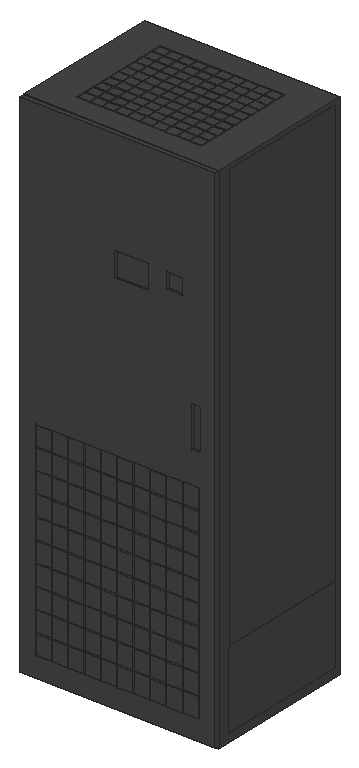
Revit family "OP 71-20", category Modelli generici, Revit 2017
Family settings
  Può ospitare armatura = No
  Quota connettore circolare = Usa diametro
  Tipo di parte = Normale
  Basato su piano di lavoro = No
  Sempre verticale = Sì
  Taglio con vuoti quando caricato = No
  Condiviso = No
  Punto di calcolo locali = No
Parameters (values of type "Standard")
  d99 = 0 mm
  d97 = 0 mm
  d93 = 0 mm
  d42 = 0 mm
  d258 = 0 mm
  d2 = 1990 mm
  Extrusion_End_4 = -d258  # 0 mm
  Extrusion_End_3 = -d93  # 0 mm
  Extrusion_End_2 = -d97  # 0 mm
  Extrusion_End_1 = -d99  # 0 mm
Reference planes
  plane 1 "Centro (Fronte/Retro)": y = 0
  plane 2: z = 0
  plane 3 "Centro (Sinistra/Destra)": x = 0
  plane 4: z = 0
  plane 5: z = 1990
Forms (mm)
  Extrusion 1, solid
    sketch origin (0, 0, 0) x (-1, 0, 0) y (0, -1, 0)
      loop
        line (0, 0) -> (-750, 0) -> (-750, -580) -> (0, -580) -> (0, 0)
    from 0 to 1990
  Extrusion 2, solid
    sketch origin (0, 0, 0) x (1, 0, 0) y (0, 0, 1)
      loop
        line (0, 1990) -> (0, 10) -> (750, 10) -> (750, 1990) -> (0, 1990)
    from 0 to 19
  Extrusion 3, void
    sketch origin (750, 0, 1990) x (0, 1, 0) y (-1, 0, 0)
      loop
        line (0, 750) -> (-1, 750) -> (-1, 0) -> (0, 0) -> (0, 750)
    from 0 to -2487.5
  Extrusion 4, void
    sketch origin (750, 0, 1990) x (0, 0, -1) y (0, 1, 0)
      loop
        line (15, 45) -> (1960, 45) -> (1960, 560) -> (15, 560) -> (15, 45)
      loop
        line (1660, 558) -> (1660, 47) -> (1958, 47) -> (1958, 558) -> (1660, 558)
      loop
        line (17, 558) -> (17, 47) -> (1658, 47) -> (1658, 558) -> (17, 558)
    from 0 to -25
  Extrusion 5, void
    sketch origin (750, 0, 1990) x (0, 1, 0) y (-1, 0, 0)
      loop
        line (485, 615) -> (85, 615) -> (85, 135) -> (485, 135) -> (485, 615)
      loop
        line (482.5, 612.5) -> (447.5, 612.5) -> (447.5, 569.5) -> (482.5, 569.5) -> (482.5, 612.5)
      loop
        line (482.5, 521.5) -> (482.5, 564.5) -> (447.5, 564.5) -> (447.5, 521.5) -> (482.5, 521.5)
      loop
        line (482.5, 473.5) -> (482.5, 516.5) -> (447.5, 516.5) -> (447.5, 473.5) -> (482.5, 473.5)
      loop
        line (482.5, 425.5) -> (482.5, 468.5) -> (447.5, 468.5) -> (447.5, 425.5) -> (482.5, 425.5)
      loop
        line (482.5, 377.5) -> (482.5, 420.5) -> (447.5, 420.5) -> (447.5, 377.5) -> (482.5, 377.5)
      loop
        line (482.5, 329.5) -> (482.5, 372.5) -> (447.5, 372.5) -> (447.5, 329.5) -> (482.5, 329.5)
      loop
        line (482.5, 281.5) -> (482.5, 324.5) -> (447.5, 324.5) -> (447.5, 281.5) -> (482.5, 281.5)
      loop
        line (482.5, 233.5) -> (482.5, 276.5) -> (447.5, 276.5) -> (447.5, 233.5) -> (482.5, 233.5)
      loop
        line (482.5, 185.5) -> (482.5, 228.5) -> (447.5, 228.5) -> (447.5, 185.5) -> (482.5, 185.5)
      loop
        line (482.5, 137.5) -> (482.5, 180.5) -> (447.5, 180.5) -> (447.5, 137.5) -> (482.5, 137.5)
      loop
        line (442.5, 569.5) -> (442.5, 612.5) -> (407.5, 612.5) -> (407.5, 569.5) -> (442.5, 569.5)
      loop
        line (442.5, 521.5) -> (442.5, 564.5) -> (407.5, 564.5) -> (407.5, 521.5) -> (442.5, 521.5)
      loop
        line (442.5, 473.5) -> (442.5, 516.5) -> (407.5, 516.5) -> (407.5, 473.5) -> (442.5, 473.5)
      loop
        line (442.5, 425.5) -> (442.5, 468.5) -> (407.5, 468.5) -> (407.5, 425.5) -> (442.5, 425.5)
      loop
        line (442.5, 377.5) -> (442.5, 420.5) -> (407.5, 420.5) -> (407.5, 377.5) -> (442.5, 377.5)
      loop
        line (442.5, 329.5) -> (442.5, 372.5) -> (407.5, 372.5) -> (407.5, 329.5) -> (442.5, 329.5)
      loop
        line (442.5, 281.5) -> (442.5, 324.5) -> (407.5, 324.5) -> (407.5, 281.5) -> (442.5, 281.5)
      loop
        line (442.5, 233.5) -> (442.5, 276.5) -> (407.5, 276.5) -> (407.5, 233.5) -> (442.5, 233.5)
      loop
        line (442.5, 185.5) -> (442.5, 228.5) -> (407.5, 228.5) -> (407.5, 185.5) -> (442.5, 185.5)
      loop
        line (442.5, 137.5) -> (442.5, 180.5) -> (407.5, 180.5) -> (407.5, 137.5) -> (442.5, 137.5)
      loop
        line (402.5, 569.5) -> (402.5, 612.5) -> (367.5, 612.5) -> (367.5, 569.5) -> (402.5, 569.5)
      loop
        line (402.5, 521.5) -> (402.5, 564.5) -> (367.5, 564.5) -> (367.5, 521.5) -> (402.5, 521.5)
      loop
        line (402.5, 473.5) -> (402.5, 516.5) -> (367.5, 516.5) -> (367.5, 473.5) -> (402.5, 473.5)
      loop
        line (402.5, 425.5) -> (402.5, 468.5) -> (367.5, 468.5) -> (367.5, 425.5) -> (402.5, 425.5)
      loop
        line (402.5, 377.5) -> (402.5, 420.5) -> (367.5, 420.5) -> (367.5, 377.5) -> (402.5, 377.5)
      loop
        line (402.5, 329.5) -> (402.5, 372.5) -> (367.5, 372.5) -> (367.5, 329.5) -> (402.5, 329.5)
      loop
        line (402.5, 281.5) -> (402.5, 324.5) -> (367.5, 324.5) -> (367.5, 281.5) -> (402.5, 281.5)
      loop
        line (402.5, 233.5) -> (402.5, 276.5) -> (367.5, 276.5) -> (367.5, 233.5) -> (402.5, 233.5)
      loop
        line (402.5, 185.5) -> (402.5, 228.5) -> (367.5, 228.5) -> (367.5, 185.5) -> (402.5, 185.5)
      loop
        line (402.5, 137.5) -> (402.5, 180.5) -> (367.5, 180.5) -> (367.5, 137.5) -> (402.5, 137.5)
      loop
        line (362.5, 569.5) -> (362.5, 612.5) -> (327.5, 612.5) -> (327.5, 569.5) -> (362.5, 569.5)
      loop
        line (362.5, 521.5) -> (362.5, 564.5) -> (327.5, 564.5) -> (327.5, 521.5) -> (362.5, 521.5)
      loop
        line (362.5, 473.5) -> (362.5, 516.5) -> (327.5, 516.5) -> (327.5, 473.5) -> (362.5, 473.5)
      loop
        line (362.5, 425.5) -> (362.5, 468.5) -> (327.5, 468.5) -> (327.5, 425.5) -> (362.5, 425.5)
      loop
        line (362.5, 377.5) -> (362.5, 420.5) -> (327.5, 420.5) -> (327.5, 377.5) -> (362.5, 377.5)
      loop
        line (362.5, 329.5) -> (362.5, 372.5) -> (327.5, 372.5) -> (327.5, 329.5) -> (362.5, 329.5)
      loop
        line (362.5, 281.5) -> (362.5, 324.5) -> (327.5, 324.5) -> (327.5, 281.5) -> (362.5, 281.5)
      loop
        line (362.5, 233.5) -> (362.5, 276.5) -> (327.5, 276.5) -> (327.5, 233.5) -> (362.5, 233.5)
      loop
        line (362.5, 185.5) -> (362.5, 228.5) -> (327.5, 228.5) -> (327.5, 185.5) -> (362.5, 185.5)
      loop
        line (362.5, 137.5) -> (362.5, 180.5) -> (327.5, 180.5) -> (327.5, 137.5) -> (362.5, 137.5)
      loop
        line (322.5, 569.5) -> (322.5, 612.5) -> (287.5, 612.5) -> (287.5, 569.5) -> (322.5, 569.5)
      loop
        line (322.5, 521.5) -> (322.5, 564.5) -> (287.5, 564.5) -> (287.5, 521.5) -> (322.5, 521.5)
      loop
        line (322.5, 473.5) -> (322.5, 516.5) -> (287.5, 516.5) -> (287.5, 473.5) -> (322.5, 473.5)
      loop
        line (322.5, 425.5) -> (322.5, 468.5) -> (287.5, 468.5) -> (287.5, 425.5) -> (322.5, 425.5)
      loop
        line (322.5, 377.5) -> (322.5, 420.5) -> (287.5, 420.5) -> (287.5, 377.5) -> (322.5, 377.5)
      loop
        line (322.5, 329.5) -> (322.5, 372.5) -> (287.5, 372.5) -> (287.5, 329.5) -> (322.5, 329.5)
      loop
        line (322.5, 281.5) -> (322.5, 324.5) -> (287.5, 324.5) -> (287.5, 281.5) -> (322.5, 281.5)
      loop
        line (322.5, 233.5) -> (322.5, 276.5) -> (287.5, 276.5) -> (287.5, 233.5) -> (322.5, 233.5)
      loop
        line (322.5, 185.5) -> (322.5, 228.5) -> (287.5, 228.5) -> (287.5, 185.5) -> (322.5, 185.5)
      loop
        line (322.5, 137.5) -> (322.5, 180.5) -> (287.5, 180.5) -> (287.5, 137.5) -> (322.5, 137.5)
      loop
        line (282.5, 569.5) -> (282.5, 612.5) -> (247.5, 612.5) -> (247.5, 569.5) -> (282.5, 569.5)
      loop
        line (282.5, 521.5) -> (282.5, 564.5) -> (247.5, 564.5) -> (247.5, 521.5) -> (282.5, 521.5)
      loop
        line (282.5, 473.5) -> (282.5, 516.5) -> (247.5, 516.5) -> (247.5, 473.5) -> (282.5, 473.5)
      loop
        line (282.5, 425.5) -> (282.5, 468.5) -> (247.5, 468.5) -> (247.5, 425.5) -> (282.5, 425.5)
      loop
        line (282.5, 377.5) -> (282.5, 420.5) -> (247.5, 420.5) -> (247.5, 377.5) -> (282.5, 377.5)
      loop
        line (282.5, 329.5) -> (282.5, 372.5) -> (247.5, 372.5) -> (247.5, 329.5) -> (282.5, 329.5)
      loop
        line (282.5, 281.5) -> (282.5, 324.5) -> (247.5, 324.5) -> (247.5, 281.5) -> (282.5, 281.5)
      loop
        line (282.5, 233.5) -> (282.5, 276.5) -> (247.5, 276.5) -> (247.5, 233.5) -> (282.5, 233.5)
      loop
        line (282.5, 185.5) -> (282.5, 228.5) -> (247.5, 228.5) -> (247.5, 185.5) -> (282.5, 185.5)
      loop
        line (282.5, 137.5) -> (282.5, 180.5) -> (247.5, 180.5) -> (247.5, 137.5) -> (282.5, 137.5)
      loop
        line (242.5, 569.5) -> (242.5, 612.5) -> (207.5, 612.5) -> (207.5, 569.5) -> (242.5, 569.5)
      loop
        line (242.5, 521.5) -> (242.5, 564.5) -> (207.5, 564.5) -> (207.5, 521.5) -> (242.5, 521.5)
      loop
        line (242.5, 473.5) -> (242.5, 516.5) -> (207.5, 516.5) -> (207.5, 473.5) -> (242.5, 473.5)
      loop
        line (242.5, 425.5) -> (242.5, 468.5) -> (207.5, 468.5) -> (207.5, 425.5) -> (242.5, 425.5)
      loop
        line (242.5, 377.5) -> (242.5, 420.5) -> (207.5, 420.5) -> (207.5, 377.5) -> (242.5, 377.5)
      loop
        line (242.5, 329.5) -> (242.5, 372.5) -> (207.5, 372.5) -> (207.5, 329.5) -> (242.5, 329.5)
      loop
        line (242.5, 281.5) -> (242.5, 324.5) -> (207.5, 324.5) -> (207.5, 281.5) -> (242.5, 281.5)
      loop
        line (242.5, 233.5) -> (242.5, 276.5) -> (207.5, 276.5) -> (207.5, 233.5) -> (242.5, 233.5)
      loop
        line (242.5, 185.5) -> (242.5, 228.5) -> (207.5, 228.5) -> (207.5, 185.5) -> (242.5, 185.5)
      loop
        line (242.5, 137.5) -> (242.5, 180.5) -> (207.5, 180.5) -> (207.5, 137.5) -> (242.5, 137.5)
      loop
        line (202.5, 569.5) -> (202.5, 612.5) -> (167.5, 612.5) -> (167.5, 569.5) -> (202.5, 569.5)
      loop
        line (202.5, 521.5) -> (202.5, 564.5) -> (167.5, 564.5) -> (167.5, 521.5) -> (202.5, 521.5)
      loop
        line (202.5, 473.5) -> (202.5, 516.5) -> (167.5, 516.5) -> (167.5, 473.5) -> (202.5, 473.5)
      loop
        line (202.5, 425.5) -> (202.5, 468.5) -> (167.5, 468.5) -> (167.5, 425.5) -> (202.5, 425.5)
      loop
        line (202.5, 377.5) -> (202.5, 420.5) -> (167.5, 420.5) -> (167.5, 377.5) -> (202.5, 377.5)
      loop
        line (202.5, 329.5) -> (202.5, 372.5) -> (167.5, 372.5) -> (167.5, 329.5) -> (202.5, 329.5)
      loop
        line (202.5, 281.5) -> (202.5, 324.5) -> (167.5, 324.5) -> (167.5, 281.5) -> (202.5, 281.5)
      loop
        line (202.5, 233.5) -> (202.5, 276.5) -> (167.5, 276.5) -> (167.5, 233.5) -> (202.5, 233.5)
      loop
        line (202.5, 185.5) -> (202.5, 228.5) -> (167.5, 228.5) -> (167.5, 185.5) -> (202.5, 185.5)
      loop
        line (202.5, 137.5) -> (202.5, 180.5) -> (167.5, 180.5) -> (167.5, 137.5) -> (202.5, 137.5)
      loop
        line (162.5, 569.5) -> (162.5, 612.5) -> (127.5, 612.5) -> (127.5, 569.5) -> (162.5, 569.5)
      loop
        line (162.5, 521.5) -> (162.5, 564.5) -> (127.5, 564.5) -> (127.5, 521.5) -> (162.5, 521.5)
      loop
        line (162.5, 473.5) -> (162.5, 516.5) -> (127.5, 516.5) -> (127.5, 473.5) -> (162.5, 473.5)
      loop
        line (162.5, 425.5) -> (162.5, 468.5) -> (127.5, 468.5) -> (127.5, 425.5) -> (162.5, 425.5)
      loop
        line (162.5, 377.5) -> (162.5, 420.5) -> (127.5, 420.5) -> (127.5, 377.5) -> (162.5, 377.5)
      loop
        line (162.5, 329.5) -> (162.5, 372.5) -> (127.5, 372.5) -> (127.5, 329.5) -> (162.5, 329.5)
      loop
        line (162.5, 281.5) -> (162.5, 324.5) -> (127.5, 324.5) -> (127.5, 281.5) -> (162.5, 281.5)
      loop
        line (162.5, 233.5) -> (162.5, 276.5) -> (127.5, 276.5) -> (127.5, 233.5) -> (162.5, 233.5)
      loop
        line (162.5, 185.5) -> (162.5, 228.5) -> (127.5, 228.5) -> (127.5, 185.5) -> (162.5, 185.5)
      loop
        line (162.5, 137.5) -> (162.5, 180.5) -> (127.5, 180.5) -> (127.5, 137.5) -> (162.5, 137.5)
      loop
        line (122.5, 569.5) -> (122.5, 612.5) -> (87.5, 612.5) -> (87.5, 569.5) -> (122.5, 569.5)
      loop
        line (122.5, 521.5) -> (122.5, 564.5) -> (87.5, 564.5) -> (87.5, 521.5) -> (122.5, 521.5)
      loop
        line (122.5, 473.5) -> (122.5, 516.5) -> (87.5, 516.5) -> (87.5, 473.5) -> (122.5, 473.5)
      loop
        line (122.5, 425.5) -> (122.5, 468.5) -> (87.5, 468.5) -> (87.5, 425.5) -> (122.5, 425.5)
      loop
        line (122.5, 377.5) -> (122.5, 420.5) -> (87.5, 420.5) -> (87.5, 377.5) -> (122.5, 377.5)
      loop
        line (122.5, 329.5) -> (122.5, 372.5) -> (87.5, 372.5) -> (87.5, 329.5) -> (122.5, 329.5)
      loop
        line (122.5, 281.5) -> (122.5, 324.5) -> (87.5, 324.5) -> (87.5, 281.5) -> (122.5, 281.5)
      loop
        line (122.5, 233.5) -> (122.5, 276.5) -> (87.5, 276.5) -> (87.5, 233.5) -> (122.5, 233.5)
      loop
        line (122.5, 185.5) -> (122.5, 228.5) -> (87.5, 228.5) -> (87.5, 185.5) -> (122.5, 185.5)
      loop
        line (122.5, 137.5) -> (122.5, 180.5) -> (87.5, 180.5) -> (87.5, 137.5) -> (122.5, 137.5)
    from 0 to -10
  Extrusion 6, void
    sketch origin (0, -19, 10) x (1, 0, 0) y (0, 0, 1)
      loop
        line (565, 1515.5) -> (627, 1515.5) -> (627, 1577.5) -> (565, 1577.5) -> (565, 1515.5)
      loop
        line (660, 996) -> (695, 996) -> (695, 1156) -> (660, 1156) -> (660, 996)
      loop
        line (494, 1483) -> (494, 1581) -> (363, 1581) -> (363, 1483) -> (494, 1483)
    from 0 to -10
  Extrusion 7, void
    sketch origin (0, -19, 10) x (1, 0, 0) y (0, 0, 1)
      loop
        line (60, 875) -> (60, 75) -> (690, 75) -> (690, 875) -> (60, 875)
      loop
        line (62.5, 872.5) -> (62.5, 797.5) -> (120.5, 797.5) -> (120.5, 872.5) -> (62.5, 872.5)
      loop
        line (125.5, 872.5) -> (125.5, 797.5) -> (183.5, 797.5) -> (183.5, 872.5) -> (125.5, 872.5)
      loop
        line (188.5, 872.5) -> (188.5, 797.5) -> (246.5, 797.5) -> (246.5, 872.5) -> (188.5, 872.5)
      loop
        line (251.5, 872.5) -> (251.5, 797.5) -> (309.5, 797.5) -> (309.5, 872.5) -> (251.5, 872.5)
      loop
        line (314.5, 872.5) -> (314.5, 797.5) -> (372.5, 797.5) -> (372.5, 872.5) -> (314.5, 872.5)
      loop
        line (377.5, 872.5) -> (377.5, 797.5) -> (435.5, 797.5) -> (435.5, 872.5) -> (377.5, 872.5)
      loop
        line (440.5, 872.5) -> (440.5, 797.5) -> (498.5, 797.5) -> (498.5, 872.5) -> (440.5, 872.5)
      loop
        line (503.5, 872.5) -> (503.5, 797.5) -> (561.5, 797.5) -> (561.5, 872.5) -> (503.5, 872.5)
      loop
        line (566.5, 872.5) -> (566.5, 797.5) -> (624.5, 797.5) -> (624.5, 872.5) -> (566.5, 872.5)
      loop
        line (629.5, 872.5) -> (629.5, 797.5) -> (687.5, 797.5) -> (687.5, 872.5) -> (629.5, 872.5)
      loop
        line (62.5, 792.5) -> (62.5, 717.5) -> (120.5, 717.5) -> (120.5, 792.5) -> (62.5, 792.5)
      loop
        line (125.5, 792.5) -> (125.5, 717.5) -> (183.5, 717.5) -> (183.5, 792.5) -> (125.5, 792.5)
      loop
        line (188.5, 792.5) -> (188.5, 717.5) -> (246.5, 717.5) -> (246.5, 792.5) -> (188.5, 792.5)
      loop
        line (251.5, 792.5) -> (251.5, 717.5) -> (309.5, 717.5) -> (309.5, 792.5) -> (251.5, 792.5)
      loop
        line (314.5, 792.5) -> (314.5, 717.5) -> (372.5, 717.5) -> (372.5, 792.5) -> (314.5, 792.5)
      loop
        line (377.5, 792.5) -> (377.5, 717.5) -> (435.5, 717.5) -> (435.5, 792.5) -> (377.5, 792.5)
      loop
        line (440.5, 792.5) -> (440.5, 717.5) -> (498.5, 717.5) -> (498.5, 792.5) -> (440.5, 792.5)
      loop
        line (503.5, 792.5) -> (503.5, 717.5) -> (561.5, 717.5) -> (561.5, 792.5) -> (503.5, 792.5)
      loop
        line (566.5, 792.5) -> (566.5, 717.5) -> (624.5, 717.5) -> (624.5, 792.5) -> (566.5, 792.5)
      loop
        line (629.5, 792.5) -> (629.5, 717.5) -> (687.5, 717.5) -> (687.5, 792.5) -> (629.5, 792.5)
      loop
        line (62.5, 712.5) -> (62.5, 637.5) -> (120.5, 637.5) -> (120.5, 712.5) -> (62.5, 712.5)
      loop
        line (125.5, 712.5) -> (125.5, 637.5) -> (183.5, 637.5) -> (183.5, 712.5) -> (125.5, 712.5)
      loop
        line (188.5, 712.5) -> (188.5, 637.5) -> (246.5, 637.5) -> (246.5, 712.5) -> (188.5, 712.5)
      loop
        line (251.5, 712.5) -> (251.5, 637.5) -> (309.5, 637.5) -> (309.5, 712.5) -> (251.5, 712.5)
      loop
        line (314.5, 712.5) -> (314.5, 637.5) -> (372.5, 637.5) -> (372.5, 712.5) -> (314.5, 712.5)
      loop
        line (377.5, 712.5) -> (377.5, 637.5) -> (435.5, 637.5) -> (435.5, 712.5) -> (377.5, 712.5)
      loop
        line (440.5, 712.5) -> (440.5, 637.5) -> (498.5, 637.5) -> (498.5, 712.5) -> (440.5, 712.5)
      loop
        line (503.5, 712.5) -> (503.5, 637.5) -> (561.5, 637.5) -> (561.5, 712.5) -> (503.5, 712.5)
      loop
        line (566.5, 712.5) -> (566.5, 637.5) -> (624.5, 637.5) -> (624.5, 712.5) -> (566.5, 712.5)
      loop
        line (629.5, 712.5) -> (629.5, 637.5) -> (687.5, 637.5) -> (687.5, 712.5) -> (629.5, 712.5)
      loop
        line (62.5, 632.5) -> (62.5, 557.5) -> (120.5, 557.5) -> (120.5, 632.5) -> (62.5, 632.5)
      loop
        line (125.5, 632.5) -> (125.5, 557.5) -> (183.5, 557.5) -> (183.5, 632.5) -> (125.5, 632.5)
      loop
        line (188.5, 632.5) -> (188.5, 557.5) -> (246.5, 557.5) -> (246.5, 632.5) -> (188.5, 632.5)
      loop
        line (251.5, 632.5) -> (251.5, 557.5) -> (309.5, 557.5) -> (309.5, 632.5) -> (251.5, 632.5)
      loop
        line (314.5, 632.5) -> (314.5, 557.5) -> (372.5, 557.5) -> (372.5, 632.5) -> (314.5, 632.5)
      loop
        line (377.5, 632.5) -> (377.5, 557.5) -> (435.5, 557.5) -> (435.5, 632.5) -> (377.5, 632.5)
      loop
        line (440.5, 632.5) -> (440.5, 557.5) -> (498.5, 557.5) -> (498.5, 632.5) -> (440.5, 632.5)
      loop
        line (503.5, 632.5) -> (503.5, 557.5) -> (561.5, 557.5) -> (561.5, 632.5) -> (503.5, 632.5)
      loop
        line (566.5, 632.5) -> (566.5, 557.5) -> (624.5, 557.5) -> (624.5, 632.5) -> (566.5, 632.5)
      loop
        line (629.5, 632.5) -> (629.5, 557.5) -> (687.5, 557.5) -> (687.5, 632.5) -> (629.5, 632.5)
      loop
        line (62.5, 552.5) -> (62.5, 477.5) -> (120.5, 477.5) -> (120.5, 552.5) -> (62.5, 552.5)
      loop
        line (125.5, 552.5) -> (125.5, 477.5) -> (183.5, 477.5) -> (183.5, 552.5) -> (125.5, 552.5)
      loop
        line (188.5, 552.5) -> (188.5, 477.5) -> (246.5, 477.5) -> (246.5, 552.5) -> (188.5, 552.5)
      loop
        line (251.5, 552.5) -> (251.5, 477.5) -> (309.5, 477.5) -> (309.5, 552.5) -> (251.5, 552.5)
      loop
        line (314.5, 552.5) -> (314.5, 477.5) -> (372.5, 477.5) -> (372.5, 552.5) -> (314.5, 552.5)
      loop
        line (377.5, 552.5) -> (377.5, 477.5) -> (435.5, 477.5) -> (435.5, 552.5) -> (377.5, 552.5)
      loop
        line (440.5, 552.5) -> (440.5, 477.5) -> (498.5, 477.5) -> (498.5, 552.5) -> (440.5, 552.5)
      loop
        line (503.5, 552.5) -> (503.5, 477.5) -> (561.5, 477.5) -> (561.5, 552.5) -> (503.5, 552.5)
      loop
        line (566.5, 552.5) -> (566.5, 477.5) -> (624.5, 477.5) -> (624.5, 552.5) -> (566.5, 552.5)
      loop
        line (629.5, 552.5) -> (629.5, 477.5) -> (687.5, 477.5) -> (687.5, 552.5) -> (629.5, 552.5)
      loop
        line (62.5, 472.5) -> (62.5, 397.5) -> (120.5, 397.5) -> (120.5, 472.5) -> (62.5, 472.5)
      loop
        line (125.5, 472.5) -> (125.5, 397.5) -> (183.5, 397.5) -> (183.5, 472.5) -> (125.5, 472.5)
      loop
        line (188.5, 472.5) -> (188.5, 397.5) -> (246.5, 397.5) -> (246.5, 472.5) -> (188.5, 472.5)
      loop
        line (251.5, 472.5) -> (251.5, 397.5) -> (309.5, 397.5) -> (309.5, 472.5) -> (251.5, 472.5)
      loop
        line (314.5, 472.5) -> (314.5, 397.5) -> (372.5, 397.5) -> (372.5, 472.5) -> (314.5, 472.5)
      loop
        line (377.5, 472.5) -> (377.5, 397.5) -> (435.5, 397.5) -> (435.5, 472.5) -> (377.5, 472.5)
      loop
        line (440.5, 472.5) -> (440.5, 397.5) -> (498.5, 397.5) -> (498.5, 472.5) -> (440.5, 472.5)
      loop
        line (503.5, 472.5) -> (503.5, 397.5) -> (561.5, 397.5) -> (561.5, 472.5) -> (503.5, 472.5)
      loop
        line (566.5, 472.5) -> (566.5, 397.5) -> (624.5, 397.5) -> (624.5, 472.5) -> (566.5, 472.5)
      loop
        line (629.5, 472.5) -> (629.5, 397.5) -> (687.5, 397.5) -> (687.5, 472.5) -> (629.5, 472.5)
      loop
        line (62.5, 392.5) -> (62.5, 317.5) -> (120.5, 317.5) -> (120.5, 392.5) -> (62.5, 392.5)
      loop
        line (125.5, 392.5) -> (125.5, 317.5) -> (183.5, 317.5) -> (183.5, 392.5) -> (125.5, 392.5)
      loop
        line (188.5, 392.5) -> (188.5, 317.5) -> (246.5, 317.5) -> (246.5, 392.5) -> (188.5, 392.5)
      loop
        line (251.5, 392.5) -> (251.5, 317.5) -> (309.5, 317.5) -> (309.5, 392.5) -> (251.5, 392.5)
      loop
        line (314.5, 392.5) -> (314.5, 317.5) -> (372.5, 317.5) -> (372.5, 392.5) -> (314.5, 392.5)
      loop
        line (377.5, 392.5) -> (377.5, 317.5) -> (435.5, 317.5) -> (435.5, 392.5) -> (377.5, 392.5)
      loop
        line (440.5, 392.5) -> (440.5, 317.5) -> (498.5, 317.5) -> (498.5, 392.5) -> (440.5, 392.5)
      loop
        line (503.5, 392.5) -> (503.5, 317.5) -> (561.5, 317.5) -> (561.5, 392.5) -> (503.5, 392.5)
      loop
        line (566.5, 392.5) -> (566.5, 317.5) -> (624.5, 317.5) -> (624.5, 392.5) -> (566.5, 392.5)
      loop
        line (629.5, 392.5) -> (629.5, 317.5) -> (687.5, 317.5) -> (687.5, 392.5) -> (629.5, 392.5)
      loop
        line (62.5, 312.5) -> (62.5, 237.5) -> (120.5, 237.5) -> (120.5, 312.5) -> (62.5, 312.5)
      loop
        line (125.5, 312.5) -> (125.5, 237.5) -> (183.5, 237.5) -> (183.5, 312.5) -> (125.5, 312.5)
      loop
        line (188.5, 312.5) -> (188.5, 237.5) -> (246.5, 237.5) -> (246.5, 312.5) -> (188.5, 312.5)
      loop
        line (251.5, 312.5) -> (251.5, 237.5) -> (309.5, 237.5) -> (309.5, 312.5) -> (251.5, 312.5)
      loop
        line (314.5, 312.5) -> (314.5, 237.5) -> (372.5, 237.5) -> (372.5, 312.5) -> (314.5, 312.5)
      loop
        line (377.5, 312.5) -> (377.5, 237.5) -> (435.5, 237.5) -> (435.5, 312.5) -> (377.5, 312.5)
      loop
        line (440.5, 312.5) -> (440.5, 237.5) -> (498.5, 237.5) -> (498.5, 312.5) -> (440.5, 312.5)
      loop
        line (503.5, 312.5) -> (503.5, 237.5) -> (561.5, 237.5) -> (561.5, 312.5) -> (503.5, 312.5)
      loop
        line (566.5, 312.5) -> (566.5, 237.5) -> (624.5, 237.5) -> (624.5, 312.5) -> (566.5, 312.5)
      loop
        line (629.5, 312.5) -> (629.5, 237.5) -> (687.5, 237.5) -> (687.5, 312.5) -> (629.5, 312.5)
      loop
        line (62.5, 232.5) -> (62.5, 157.5) -> (120.5, 157.5) -> (120.5, 232.5) -> (62.5, 232.5)
      loop
        line (125.5, 232.5) -> (125.5, 157.5) -> (183.5, 157.5) -> (183.5, 232.5) -> (125.5, 232.5)
      loop
        line (188.5, 232.5) -> (188.5, 157.5) -> (246.5, 157.5) -> (246.5, 232.5) -> (188.5, 232.5)
      loop
        line (251.5, 232.5) -> (251.5, 157.5) -> (309.5, 157.5) -> (309.5, 232.5) -> (251.5, 232.5)
      loop
        line (314.5, 232.5) -> (314.5, 157.5) -> (372.5, 157.5) -> (372.5, 232.5) -> (314.5, 232.5)
      loop
        line (377.5, 232.5) -> (377.5, 157.5) -> (435.5, 157.5) -> (435.5, 232.5) -> (377.5, 232.5)
      loop
        line (440.5, 232.5) -> (440.5, 157.5) -> (498.5, 157.5) -> (498.5, 232.5) -> (440.5, 232.5)
      loop
        line (503.5, 232.5) -> (503.5, 157.5) -> (561.5, 157.5) -> (561.5, 232.5) -> (503.5, 232.5)
      loop
        line (566.5, 232.5) -> (566.5, 157.5) -> (624.5, 157.5) -> (624.5, 232.5) -> (566.5, 232.5)
      loop
        line (629.5, 232.5) -> (629.5, 157.5) -> (687.5, 157.5) -> (687.5, 232.5) -> (629.5, 232.5)
      loop
        line (62.5, 152.5) -> (62.5, 77.5) -> (120.5, 77.5) -> (120.5, 152.5) -> (62.5, 152.5)
      loop
        line (125.5, 152.5) -> (125.5, 77.5) -> (183.5, 77.5) -> (183.5, 152.5) -> (125.5, 152.5)
      loop
        line (188.5, 152.5) -> (188.5, 77.5) -> (246.5, 77.5) -> (246.5, 152.5) -> (188.5, 152.5)
      loop
        line (251.5, 152.5) -> (251.5, 77.5) -> (309.5, 77.5) -> (309.5, 152.5) -> (251.5, 152.5)
      loop
        line (314.5, 152.5) -> (314.5, 77.5) -> (372.5, 77.5) -> (372.5, 152.5) -> (314.5, 152.5)
      loop
        line (377.5, 152.5) -> (377.5, 77.5) -> (435.5, 77.5) -> (435.5, 152.5) -> (377.5, 152.5)
      loop
        line (440.5, 152.5) -> (440.5, 77.5) -> (498.5, 77.5) -> (498.5, 152.5) -> (440.5, 152.5)
      loop
        line (503.5, 152.5) -> (503.5, 77.5) -> (561.5, 77.5) -> (561.5, 152.5) -> (503.5, 152.5)
      loop
        line (566.5, 152.5) -> (566.5, 77.5) -> (624.5, 77.5) -> (624.5, 152.5) -> (566.5, 152.5)
      loop
        line (629.5, 152.5) -> (629.5, 77.5) -> (687.5, 77.5) -> (687.5, 152.5) -> (629.5, 152.5)
    from 0 to -10
Cuts and joins
  Extrusion 3, Extrusion 4, Extrusion 5, Extrusion 6, Extrusion 7 cuts Extrusion 1
  Extrusion 3, Extrusion 4, Extrusion 5, Extrusion 6, Extrusion 7 cuts Extrusion 2
  joined: Extrusion 1, Extrusion 2
Lines and regions (mm)
  reference lines
    curve 1: line (0, 0, 0) -> (750, 0, 0)
    curve 2: line (750, 0, 0) -> (750, 580, 0)
    curve 3: line (750, 580, 0) -> (0, 580, 0)
    curve 4: line (0, 580, 0) -> (0, 0, 0)
    curve 5: line (0, 0, 0) -> (0, 0, 1990)
    curve 6: line (0, 0, 10) -> (750, 0, 10)
    curve 7: line (750, 0, 0) -> (750, 0, 1990)
    curve 8: line (0, 0, 1990) -> (750, 0, 1990)
    curve 9: line (0, 580, 1990) -> (0, -19, 1990)
    curve 10: line (0, -1, 1990) -> (750, -1, 1990)
    curve 11: line (750, 580, 1990) -> (750, -19, 1990)
    curve 12: line (0, 0, 1990) -> (750, 0, 1990)
    curve 13: line (750, 45, 1975) -> (750, 45, 30)
    curve 14: line (750, 45, 30) -> (750, 560, 30)
    curve 15: line (750, 560, 30) -> (750, 560, 1975)
    curve 16: line (750, 560, 1975) -> (750, 45, 1975)
    curve 17: line (750, 558, 330) -> (750, 558, 32)
    curve 18: line (750, 558, 32) -> (750, 47, 32)
    curve 19: line (750, 47, 32) -> (750, 47, 330)
    curve 20: line (750, 47, 330) -> (750, 558, 330)
    curve 21: line (750, 558, 1973) -> (750, 558, 330)
    curve 22: line (750, 558, 332) -> (750, 47, 332)
    curve 23: line (750, 47, 332) -> (750, 47, 1973)
    curve 24: line (750, 47, 1973) -> (750, 558, 1973)
    curve 25: line (135, 85, 1990) -> (135, 485, 1990)
    curve 26: line (135, 85, 1990) -> (615, 85, 1990)
    curve 27: line (615, 485, 1990) -> (615, 85, 1990)
    curve 28: line (135, 485, 1990) -> (615, 485, 1990)
    curve 29: line (137.5, 482.5, 1990) -> (180.5, 482.5, 1990)
    curve 30: line (180.5, 482.5, 1990) -> (180.5, 447.5, 1990)
    curve 31: line (137.5, 447.5, 1990) -> (180.5, 447.5, 1990)
    curve 32: line (137.5, 447.5, 1990) -> (137.5, 482.5, 1990)
    curve 33: line (185.5, 482.5, 1990) -> (228.5, 482.5, 1990)
    curve 34: line (185.5, 447.5, 1990) -> (185.5, 482.5, 1990)
    curve 35: line (185.5, 447.5, 1990) -> (228.5, 447.5, 1990)
    curve 36: line (228.5, 482.5, 1990) -> (228.5, 447.5, 1990)
    curve 37: line (233.5, 482.5, 1990) -> (276.5, 482.5, 1990)
    curve 38: line (233.5, 447.5, 1990) -> (233.5, 482.5, 1990)
    curve 39: line (233.5, 447.5, 1990) -> (276.5, 447.5, 1990)
    curve 40: line (276.5, 482.5, 1990) -> (276.5, 447.5, 1990)
    curve 41: line (281.5, 482.5, 1990) -> (324.5, 482.5, 1990)
    curve 42: line (281.5, 447.5, 1990) -> (281.5, 482.5, 1990)
    curve 43: line (281.5, 447.5, 1990) -> (324.5, 447.5, 1990)
    curve 44: line (324.5, 482.5, 1990) -> (324.5, 447.5, 1990)
    curve 45: line (329.5, 482.5, 1990) -> (372.5, 482.5, 1990)
    curve 46: line (329.5, 447.5, 1990) -> (329.5, 482.5, 1990)
    curve 47: line (329.5, 447.5, 1990) -> (372.5, 447.5, 1990)
    curve 48: line (372.5, 482.5, 1990) -> (372.5, 447.5, 1990)
    curve 49: line (377.5, 482.5, 1990) -> (420.5, 482.5, 1990)
    curve 50: line (377.5, 447.5, 1990) -> (377.5, 482.5, 1990)
    curve 51: line (377.5, 447.5, 1990) -> (420.5, 447.5, 1990)
    curve 52: line (420.5, 482.5, 1990) -> (420.5, 447.5, 1990)
    curve 53: line (425.5, 482.5, 1990) -> (468.5, 482.5, 1990)
    curve 54: line (425.5, 447.5, 1990) -> (425.5, 482.5, 1990)
    curve 55: line (425.5, 447.5, 1990) -> (468.5, 447.5, 1990)
    curve 56: line (468.5, 482.5, 1990) -> (468.5, 447.5, 1990)
    curve 57: line (473.5, 482.5, 1990) -> (516.5, 482.5, 1990)
    curve 58: line (473.5, 447.5, 1990) -> (473.5, 482.5, 1990)
    curve 59: line (473.5, 447.5, 1990) -> (516.5, 447.5, 1990)
    curve 60: line (516.5, 482.5, 1990) -> (516.5, 447.5, 1990)
    curve 61: line (521.5, 482.5, 1990) -> (564.5, 482.5, 1990)
    curve 62: line (521.5, 447.5, 1990) -> (521.5, 482.5, 1990)
    curve 63: line (521.5, 447.5, 1990) -> (564.5, 447.5, 1990)
    curve 64: line (564.5, 482.5, 1990) -> (564.5, 447.5, 1990)
    curve 65: line (569.5, 482.5, 1990) -> (612.5, 482.5, 1990)
    curve 66: line (569.5, 447.5, 1990) -> (569.5, 482.5, 1990)
    curve 67: line (569.5, 447.5, 1990) -> (612.5, 447.5, 1990)
    curve 68: line (612.5, 482.5, 1990) -> (612.5, 447.5, 1990)
    curve 69: line (137.5, 442.5, 1990) -> (180.5, 442.5, 1990)
    curve 70: line (137.5, 407.5, 1990) -> (137.5, 442.5, 1990)
    curve 71: line (137.5, 407.5, 1990) -> (180.5, 407.5, 1990)
    curve 72: line (180.5, 442.5, 1990) -> (180.5, 407.5, 1990)
    curve 73: line (185.5, 442.5, 1990) -> (228.5, 442.5, 1990)
    curve 74: line (185.5, 407.5, 1990) -> (185.5, 442.5, 1990)
    curve 75: line (185.5, 407.5, 1990) -> (228.5, 407.5, 1990)
    curve 76: line (228.5, 442.5, 1990) -> (228.5, 407.5, 1990)
    curve 77: line (233.5, 442.5, 1990) -> (276.5, 442.5, 1990)
    curve 78: line (233.5, 407.5, 1990) -> (233.5, 442.5, 1990)
    curve 79: line (233.5, 407.5, 1990) -> (276.5, 407.5, 1990)
    curve 80: line (276.5, 442.5, 1990) -> (276.5, 407.5, 1990)
    curve 81: line (281.5, 442.5, 1990) -> (324.5, 442.5, 1990)
    curve 82: line (281.5, 407.5, 1990) -> (281.5, 442.5, 1990)
    curve 83: line (281.5, 407.5, 1990) -> (324.5, 407.5, 1990)
    curve 84: line (324.5, 442.5, 1990) -> (324.5, 407.5, 1990)
    curve 85: line (329.5, 442.5, 1990) -> (372.5, 442.5, 1990)
    curve 86: line (329.5, 407.5, 1990) -> (329.5, 442.5, 1990)
    curve 87: line (329.5, 407.5, 1990) -> (372.5, 407.5, 1990)
    curve 88: line (372.5, 442.5, 1990) -> (372.5, 407.5, 1990)
    curve 89: line (377.5, 442.5, 1990) -> (420.5, 442.5, 1990)
    curve 90: line (377.5, 407.5, 1990) -> (377.5, 442.5, 1990)
    curve 91: line (377.5, 407.5, 1990) -> (420.5, 407.5, 1990)
    curve 92: line (420.5, 442.5, 1990) -> (420.5, 407.5, 1990)
    curve 93: line (425.5, 442.5, 1990) -> (468.5, 442.5, 1990)
    curve 94: line (425.5, 407.5, 1990) -> (425.5, 442.5, 1990)
    curve 95: line (425.5, 407.5, 1990) -> (468.5, 407.5, 1990)
    curve 96: line (468.5, 442.5, 1990) -> (468.5, 407.5, 1990)
    curve 97: line (473.5, 442.5, 1990) -> (516.5, 442.5, 1990)
    curve 98: line (473.5, 407.5, 1990) -> (473.5, 442.5, 1990)
    curve 99: line (473.5, 407.5, 1990) -> (516.5, 407.5, 1990)
    curve 100: line (516.5, 442.5, 1990) -> (516.5, 407.5, 1990)
    curve 101: line (521.5, 442.5, 1990) -> (564.5, 442.5, 1990)
    curve 102: line (521.5, 407.5, 1990) -> (521.5, 442.5, 1990)
    curve 103: line (521.5, 407.5, 1990) -> (564.5, 407.5, 1990)
    curve 104: line (564.5, 442.5, 1990) -> (564.5, 407.5, 1990)
    curve 105: line (569.5, 442.5, 1990) -> (612.5, 442.5, 1990)
    curve 106: line (569.5, 407.5, 1990) -> (569.5, 442.5, 1990)
    curve 107: line (569.5, 407.5, 1990) -> (612.5, 407.5, 1990)
    curve 108: line (612.5, 442.5, 1990) -> (612.5, 407.5, 1990)
    curve 109: line (137.5, 402.5, 1990) -> (180.5, 402.5, 1990)
    curve 110: line (137.5, 367.5, 1990) -> (137.5, 402.5, 1990)
    curve 111: line (137.5, 367.5, 1990) -> (180.5, 367.5, 1990)
    curve 112: line (180.5, 402.5, 1990) -> (180.5, 367.5, 1990)
    curve 113: line (185.5, 402.5, 1990) -> (228.5, 402.5, 1990)
    curve 114: line (185.5, 367.5, 1990) -> (185.5, 402.5, 1990)
    curve 115: line (185.5, 367.5, 1990) -> (228.5, 367.5, 1990)
    curve 116: line (228.5, 402.5, 1990) -> (228.5, 367.5, 1990)
    curve 117: line (233.5, 402.5, 1990) -> (276.5, 402.5, 1990)
    curve 118: line (233.5, 367.5, 1990) -> (233.5, 402.5, 1990)
    curve 119: line (233.5, 367.5, 1990) -> (276.5, 367.5, 1990)
    curve 120: line (276.5, 402.5, 1990) -> (276.5, 367.5, 1990)
    curve 121: line (281.5, 402.5, 1990) -> (324.5, 402.5, 1990)
    curve 122: line (281.5, 367.5, 1990) -> (281.5, 402.5, 1990)
    curve 123: line (281.5, 367.5, 1990) -> (324.5, 367.5, 1990)
    curve 124: line (324.5, 402.5, 1990) -> (324.5, 367.5, 1990)
    curve 125: line (329.5, 402.5, 1990) -> (372.5, 402.5, 1990)
    curve 126: line (329.5, 367.5, 1990) -> (329.5, 402.5, 1990)
    curve 127: line (329.5, 367.5, 1990) -> (372.5, 367.5, 1990)
    curve 128: line (372.5, 402.5, 1990) -> (372.5, 367.5, 1990)
    curve 129: line (377.5, 402.5, 1990) -> (420.5, 402.5, 1990)
    curve 130: line (377.5, 367.5, 1990) -> (377.5, 402.5, 1990)
    curve 131: line (377.5, 367.5, 1990) -> (420.5, 367.5, 1990)
    curve 132: line (420.5, 402.5, 1990) -> (420.5, 367.5, 1990)
    curve 133: line (425.5, 402.5, 1990) -> (468.5, 402.5, 1990)
    curve 134: line (425.5, 367.5, 1990) -> (425.5, 402.5, 1990)
    curve 135: line (425.5, 367.5, 1990) -> (468.5, 367.5, 1990)
    curve 136: line (468.5, 402.5, 1990) -> (468.5, 367.5, 1990)
    curve 137: line (473.5, 402.5, 1990) -> (516.5, 402.5, 1990)
    curve 138: line (473.5, 367.5, 1990) -> (473.5, 402.5, 1990)
    curve 139: line (473.5, 367.5, 1990) -> (516.5, 367.5, 1990)
    curve 140: line (516.5, 402.5, 1990) -> (516.5, 367.5, 1990)
    curve 141: line (521.5, 402.5, 1990) -> (564.5, 402.5, 1990)
    curve 142: line (521.5, 367.5, 1990) -> (521.5, 402.5, 1990)
    curve 143: line (521.5, 367.5, 1990) -> (564.5, 367.5, 1990)
    curve 144: line (564.5, 402.5, 1990) -> (564.5, 367.5, 1990)
    curve 145: line (569.5, 402.5, 1990) -> (612.5, 402.5, 1990)
    curve 146: line (569.5, 367.5, 1990) -> (569.5, 402.5, 1990)
    curve 147: line (569.5, 367.5, 1990) -> (612.5, 367.5, 1990)
    curve 148: line (612.5, 402.5, 1990) -> (612.5, 367.5, 1990)
    curve 149: line (137.5, 362.5, 1990) -> (180.5, 362.5, 1990)
    curve 150: line (137.5, 327.5, 1990) -> (137.5, 362.5, 1990)
    curve 151: line (137.5, 327.5, 1990) -> (180.5, 327.5, 1990)
    curve 152: line (180.5, 362.5, 1990) -> (180.5, 327.5, 1990)
    curve 153: line (185.5, 362.5, 1990) -> (228.5, 362.5, 1990)
    curve 154: line (185.5, 327.5, 1990) -> (185.5, 362.5, 1990)
    curve 155: line (185.5, 327.5, 1990) -> (228.5, 327.5, 1990)
    curve 156: line (228.5, 362.5, 1990) -> (228.5, 327.5, 1990)
    curve 157: line (233.5, 362.5, 1990) -> (276.5, 362.5, 1990)
    curve 158: line (233.5, 327.5, 1990) -> (233.5, 362.5, 1990)
    curve 159: line (233.5, 327.5, 1990) -> (276.5, 327.5, 1990)
    curve 160: line (276.5, 362.5, 1990) -> (276.5, 327.5, 1990)
    curve 161: line (281.5, 362.5, 1990) -> (324.5, 362.5, 1990)
    curve 162: line (281.5, 327.5, 1990) -> (281.5, 362.5, 1990)
    curve 163: line (281.5, 327.5, 1990) -> (324.5, 327.5, 1990)
    curve 164: line (324.5, 362.5, 1990) -> (324.5, 327.5, 1990)
    curve 165: line (329.5, 362.5, 1990) -> (372.5, 362.5, 1990)
    curve 166: line (329.5, 327.5, 1990) -> (329.5, 362.5, 1990)
    curve 167: line (329.5, 327.5, 1990) -> (372.5, 327.5, 1990)
    curve 168: line (372.5, 362.5, 1990) -> (372.5, 327.5, 1990)
    curve 169: line (377.5, 362.5, 1990) -> (420.5, 362.5, 1990)
    curve 170: line (377.5, 327.5, 1990) -> (377.5, 362.5, 1990)
    curve 171: line (377.5, 327.5, 1990) -> (420.5, 327.5, 1990)
    curve 172: line (420.5, 362.5, 1990) -> (420.5, 327.5, 1990)
    curve 173: line (425.5, 362.5, 1990) -> (468.5, 362.5, 1990)
    curve 174: line (425.5, 327.5, 1990) -> (425.5, 362.5, 1990)
    curve 175: line (425.5, 327.5, 1990) -> (468.5, 327.5, 1990)
    curve 176: line (468.5, 362.5, 1990) -> (468.5, 327.5, 1990)
    curve 177: line (473.5, 362.5, 1990) -> (516.5, 362.5, 1990)
    curve 178: line (473.5, 327.5, 1990) -> (473.5, 362.5, 1990)
    curve 179: line (473.5, 327.5, 1990) -> (516.5, 327.5, 1990)
    curve 180: line (516.5, 362.5, 1990) -> (516.5, 327.5, 1990)
    curve 181: line (521.5, 362.5, 1990) -> (564.5, 362.5, 1990)
    curve 182: line (521.5, 327.5, 1990) -> (521.5, 362.5, 1990)
    curve 183: line (521.5, 327.5, 1990) -> (564.5, 327.5, 1990)
    curve 184: line (564.5, 362.5, 1990) -> (564.5, 327.5, 1990)
    curve 185: line (569.5, 362.5, 1990) -> (612.5, 362.5, 1990)
    curve 186: line (569.5, 327.5, 1990) -> (569.5, 362.5, 1990)
    curve 187: line (569.5, 327.5, 1990) -> (612.5, 327.5, 1990)
    curve 188: line (612.5, 362.5, 1990) -> (612.5, 327.5, 1990)
    curve 189: line (137.5, 322.5, 1990) -> (180.5, 322.5, 1990)
    curve 190: line (137.5, 287.5, 1990) -> (137.5, 322.5, 1990)
    curve 191: line (137.5, 287.5, 1990) -> (180.5, 287.5, 1990)
    curve 192: line (180.5, 322.5, 1990) -> (180.5, 287.5, 1990)
    curve 193: line (185.5, 322.5, 1990) -> (228.5, 322.5, 1990)
    curve 194: line (185.5, 287.5, 1990) -> (185.5, 322.5, 1990)
    curve 195: line (185.5, 287.5, 1990) -> (228.5, 287.5, 1990)
    curve 196: line (228.5, 322.5, 1990) -> (228.5, 287.5, 1990)
    curve 197: line (233.5, 322.5, 1990) -> (276.5, 322.5, 1990)
    curve 198: line (233.5, 287.5, 1990) -> (233.5, 322.5, 1990)
    curve 199: line (233.5, 287.5, 1990) -> (276.5, 287.5, 1990)
    curve 200: line (276.5, 322.5, 1990) -> (276.5, 287.5, 1990)
    curve 201: line (281.5, 322.5, 1990) -> (324.5, 322.5, 1990)
    curve 202: line (281.5, 287.5, 1990) -> (281.5, 322.5, 1990)
    curve 203: line (281.5, 287.5, 1990) -> (324.5, 287.5, 1990)
    curve 204: line (324.5, 322.5, 1990) -> (324.5, 287.5, 1990)
    curve 205: line (329.5, 322.5, 1990) -> (372.5, 322.5, 1990)
    curve 206: line (329.5, 287.5, 1990) -> (329.5, 322.5, 1990)
    curve 207: line (329.5, 287.5, 1990) -> (372.5, 287.5, 1990)
    curve 208: line (372.5, 322.5, 1990) -> (372.5, 287.5, 1990)
    curve 209: line (377.5, 322.5, 1990) -> (420.5, 322.5, 1990)
    curve 210: line (377.5, 287.5, 1990) -> (377.5, 322.5, 1990)
    curve 211: line (377.5, 287.5, 1990) -> (420.5, 287.5, 1990)
    curve 212: line (420.5, 322.5, 1990) -> (420.5, 287.5, 1990)
    curve 213: line (425.5, 322.5, 1990) -> (468.5, 322.5, 1990)
    curve 214: line (425.5, 287.5, 1990) -> (425.5, 322.5, 1990)
    curve 215: line (425.5, 287.5, 1990) -> (468.5, 287.5, 1990)
    curve 216: line (468.5, 322.5, 1990) -> (468.5, 287.5, 1990)
    curve 217: line (473.5, 322.5, 1990) -> (516.5, 322.5, 1990)
    curve 218: line (473.5, 287.5, 1990) -> (473.5, 322.5, 1990)
    curve 219: line (473.5, 287.5, 1990) -> (516.5, 287.5, 1990)
    curve 220: line (516.5, 322.5, 1990) -> (516.5, 287.5, 1990)
    curve 221: line (521.5, 322.5, 1990) -> (564.5, 322.5, 1990)
    curve 222: line (521.5, 287.5, 1990) -> (521.5, 322.5, 1990)
    curve 223: line (521.5, 287.5, 1990) -> (564.5, 287.5, 1990)
    curve 224: line (564.5, 322.5, 1990) -> (564.5, 287.5, 1990)
    curve 225: line (569.5, 322.5, 1990) -> (612.5, 322.5, 1990)
    curve 226: line (569.5, 287.5, 1990) -> (569.5, 322.5, 1990)
    curve 227: line (569.5, 287.5, 1990) -> (612.5, 287.5, 1990)
    curve 228: line (612.5, 322.5, 1990) -> (612.5, 287.5, 1990)
    curve 229: line (137.5, 282.5, 1990) -> (180.5, 282.5, 1990)
    curve 230: line (137.5, 247.5, 1990) -> (137.5, 282.5, 1990)
    curve 231: line (137.5, 247.5, 1990) -> (180.5, 247.5, 1990)
    curve 232: line (180.5, 282.5, 1990) -> (180.5, 247.5, 1990)
    curve 233: line (185.5, 282.5, 1990) -> (228.5, 282.5, 1990)
    curve 234: line (185.5, 247.5, 1990) -> (185.5, 282.5, 1990)
    curve 235: line (185.5, 247.5, 1990) -> (228.5, 247.5, 1990)
    curve 236: line (228.5, 282.5, 1990) -> (228.5, 247.5, 1990)
    curve 237: line (233.5, 282.5, 1990) -> (276.5, 282.5, 1990)
    curve 238: line (233.5, 247.5, 1990) -> (233.5, 282.5, 1990)
    curve 239: line (233.5, 247.5, 1990) -> (276.5, 247.5, 1990)
    curve 240: line (276.5, 282.5, 1990) -> (276.5, 247.5, 1990)
    curve 241: line (281.5, 282.5, 1990) -> (324.5, 282.5, 1990)
    curve 242: line (281.5, 247.5, 1990) -> (281.5, 282.5, 1990)
    curve 243: line (281.5, 247.5, 1990) -> (324.5, 247.5, 1990)
    curve 244: line (324.5, 282.5, 1990) -> (324.5, 247.5, 1990)
    curve 245: line (329.5, 282.5, 1990) -> (372.5, 282.5, 1990)
    curve 246: line (329.5, 247.5, 1990) -> (329.5, 282.5, 1990)
    curve 247: line (329.5, 247.5, 1990) -> (372.5, 247.5, 1990)
    curve 248: line (372.5, 282.5, 1990) -> (372.5, 247.5, 1990)
    curve 249: line (377.5, 282.5, 1990) -> (420.5, 282.5, 1990)
    curve 250: line (377.5, 247.5, 1990) -> (377.5, 282.5, 1990)
    curve 251: line (377.5, 247.5, 1990) -> (420.5, 247.5, 1990)
    curve 252: line (420.5, 282.5, 1990) -> (420.5, 247.5, 1990)
    curve 253: line (425.5, 282.5, 1990) -> (468.5, 282.5, 1990)
    curve 254: line (425.5, 247.5, 1990) -> (425.5, 282.5, 1990)
    curve 255: line (425.5, 247.5, 1990) -> (468.5, 247.5, 1990)
    curve 256: line (468.5, 282.5, 1990) -> (468.5, 247.5, 1990)
    curve 257: line (473.5, 282.5, 1990) -> (516.5, 282.5, 1990)
    curve 258: line (473.5, 247.5, 1990) -> (473.5, 282.5, 1990)
    curve 259: line (473.5, 247.5, 1990) -> (516.5, 247.5, 1990)
    curve 260: line (516.5, 282.5, 1990) -> (516.5, 247.5, 1990)
    curve 261: line (521.5, 282.5, 1990) -> (564.5, 282.5, 1990)
    curve 262: line (521.5, 247.5, 1990) -> (521.5, 282.5, 1990)
    curve 263: line (521.5, 247.5, 1990) -> (564.5, 247.5, 1990)
    curve 264: line (564.5, 282.5, 1990) -> (564.5, 247.5, 1990)
    curve 265: line (569.5, 282.5, 1990) -> (612.5, 282.5, 1990)
    curve 266: line (569.5, 247.5, 1990) -> (569.5, 282.5, 1990)
    curve 267: line (569.5, 247.5, 1990) -> (612.5, 247.5, 1990)
    curve 268: line (612.5, 282.5, 1990) -> (612.5, 247.5, 1990)
    curve 269: line (137.5, 242.5, 1990) -> (180.5, 242.5, 1990)
    curve 270: line (137.5, 207.5, 1990) -> (137.5, 242.5, 1990)
    curve 271: line (137.5, 207.5, 1990) -> (180.5, 207.5, 1990)
    curve 272: line (180.5, 242.5, 1990) -> (180.5, 207.5, 1990)
    curve 273: line (185.5, 242.5, 1990) -> (228.5, 242.5, 1990)
    curve 274: line (185.5, 207.5, 1990) -> (185.5, 242.5, 1990)
    curve 275: line (185.5, 207.5, 1990) -> (228.5, 207.5, 1990)
    curve 276: line (228.5, 242.5, 1990) -> (228.5, 207.5, 1990)
    curve 277: line (233.5, 242.5, 1990) -> (276.5, 242.5, 1990)
    curve 278: line (233.5, 207.5, 1990) -> (233.5, 242.5, 1990)
    curve 279: line (233.5, 207.5, 1990) -> (276.5, 207.5, 1990)
    curve 280: line (276.5, 242.5, 1990) -> (276.5, 207.5, 1990)
    curve 281: line (281.5, 242.5, 1990) -> (324.5, 242.5, 1990)
    curve 282: line (281.5, 207.5, 1990) -> (281.5, 242.5, 1990)
    curve 283: line (281.5, 207.5, 1990) -> (324.5, 207.5, 1990)
    curve 284: line (324.5, 242.5, 1990) -> (324.5, 207.5, 1990)
    curve 285: line (329.5, 242.5, 1990) -> (372.5, 242.5, 1990)
    curve 286: line (329.5, 207.5, 1990) -> (329.5, 242.5, 1990)
    curve 287: line (329.5, 207.5, 1990) -> (372.5, 207.5, 1990)
    curve 288: line (372.5, 242.5, 1990) -> (372.5, 207.5, 1990)
    curve 289: line (377.5, 242.5, 1990) -> (420.5, 242.5, 1990)
    curve 290: line (377.5, 207.5, 1990) -> (377.5, 242.5, 1990)
    curve 291: line (377.5, 207.5, 1990) -> (420.5, 207.5, 1990)
    curve 292: line (420.5, 242.5, 1990) -> (420.5, 207.5, 1990)
    curve 293: line (425.5, 242.5, 1990) -> (468.5, 242.5, 1990)
    curve 294: line (425.5, 207.5, 1990) -> (425.5, 242.5, 1990)
    curve 295: line (425.5, 207.5, 1990) -> (468.5, 207.5, 1990)
    curve 296: line (468.5, 242.5, 1990) -> (468.5, 207.5, 1990)
    curve 297: line (473.5, 242.5, 1990) -> (516.5, 242.5, 1990)
    curve 298: line (473.5, 207.5, 1990) -> (473.5, 242.5, 1990)
    curve 299: line (473.5, 207.5, 1990) -> (516.5, 207.5, 1990)
    curve 300: line (516.5, 242.5, 1990) -> (516.5, 207.5, 1990)
    curve 301: line (521.5, 242.5, 1990) -> (564.5, 242.5, 1990)
    curve 302: line (521.5, 207.5, 1990) -> (521.5, 242.5, 1990)
    curve 303: line (521.5, 207.5, 1990) -> (564.5, 207.5, 1990)
    curve 304: line (564.5, 242.5, 1990) -> (564.5, 207.5, 1990)
    curve 305: line (569.5, 242.5, 1990) -> (612.5, 242.5, 1990)
    curve 306: line (569.5, 207.5, 1990) -> (569.5, 242.5, 1990)
    curve 307: line (569.5, 207.5, 1990) -> (612.5, 207.5, 1990)
    curve 308: line (612.5, 242.5, 1990) -> (612.5, 207.5, 1990)
    curve 309: line (137.5, 202.5, 1990) -> (180.5, 202.5, 1990)
    curve 310: line (137.5, 167.5, 1990) -> (137.5, 202.5, 1990)
    curve 311: line (137.5, 167.5, 1990) -> (180.5, 167.5, 1990)
    curve 312: line (180.5, 202.5, 1990) -> (180.5, 167.5, 1990)
    curve 313: line (185.5, 202.5, 1990) -> (228.5, 202.5, 1990)
    curve 314: line (185.5, 167.5, 1990) -> (185.5, 202.5, 1990)
    curve 315: line (185.5, 167.5, 1990) -> (228.5, 167.5, 1990)
    curve 316: line (228.5, 202.5, 1990) -> (228.5, 167.5, 1990)
    curve 317: line (233.5, 202.5, 1990) -> (276.5, 202.5, 1990)
    curve 318: line (233.5, 167.5, 1990) -> (233.5, 202.5, 1990)
    curve 319: line (233.5, 167.5, 1990) -> (276.5, 167.5, 1990)
    curve 320: line (276.5, 202.5, 1990) -> (276.5, 167.5, 1990)
    curve 321: line (281.5, 202.5, 1990) -> (324.5, 202.5, 1990)
    curve 322: line (281.5, 167.5, 1990) -> (281.5, 202.5, 1990)
    curve 323: line (281.5, 167.5, 1990) -> (324.5, 167.5, 1990)
    curve 324: line (324.5, 202.5, 1990) -> (324.5, 167.5, 1990)
    curve 325: line (329.5, 202.5, 1990) -> (372.5, 202.5, 1990)
    curve 326: line (329.5, 167.5, 1990) -> (329.5, 202.5, 1990)
    curve 327: line (329.5, 167.5, 1990) -> (372.5, 167.5, 1990)
    curve 328: line (372.5, 202.5, 1990) -> (372.5, 167.5, 1990)
    curve 329: line (377.5, 202.5, 1990) -> (420.5, 202.5, 1990)
    curve 330: line (377.5, 167.5, 1990) -> (377.5, 202.5, 1990)
    curve 331: line (377.5, 167.5, 1990) -> (420.5, 167.5, 1990)
    curve 332: line (420.5, 202.5, 1990) -> (420.5, 167.5, 1990)
    curve 333: line (425.5, 202.5, 1990) -> (468.5, 202.5, 1990)
    curve 334: line (425.5, 167.5, 1990) -> (425.5, 202.5, 1990)
    curve 335: line (425.5, 167.5, 1990) -> (468.5, 167.5, 1990)
    curve 336: line (468.5, 202.5, 1990) -> (468.5, 167.5, 1990)
    curve 337: line (473.5, 202.5, 1990) -> (516.5, 202.5, 1990)
    curve 338: line (473.5, 167.5, 1990) -> (473.5, 202.5, 1990)
    curve 339: line (473.5, 167.5, 1990) -> (516.5, 167.5, 1990)
    curve 340: line (516.5, 202.5, 1990) -> (516.5, 167.5, 1990)
    curve 341: line (521.5, 202.5, 1990) -> (564.5, 202.5, 1990)
    curve 342: line (521.5, 167.5, 1990) -> (521.5, 202.5, 1990)
    curve 343: line (521.5, 167.5, 1990) -> (564.5, 167.5, 1990)
    curve 344: line (564.5, 202.5, 1990) -> (564.5, 167.5, 1990)
    curve 345: line (569.5, 202.5, 1990) -> (612.5, 202.5, 1990)
    curve 346: line (569.5, 167.5, 1990) -> (569.5, 202.5, 1990)
    curve 347: line (569.5, 167.5, 1990) -> (612.5, 167.5, 1990)
    curve 348: line (612.5, 202.5, 1990) -> (612.5, 167.5, 1990)
    curve 349: line (137.5, 162.5, 1990) -> (180.5, 162.5, 1990)
    curve 350: line (137.5, 127.5, 1990) -> (137.5, 162.5, 1990)
    curve 351: line (137.5, 127.5, 1990) -> (180.5, 127.5, 1990)
    curve 352: line (180.5, 162.5, 1990) -> (180.5, 127.5, 1990)
    curve 353: line (185.5, 162.5, 1990) -> (228.5, 162.5, 1990)
    curve 354: line (185.5, 127.5, 1990) -> (185.5, 162.5, 1990)
    curve 355: line (185.5, 127.5, 1990) -> (228.5, 127.5, 1990)
    curve 356: line (228.5, 162.5, 1990) -> (228.5, 127.5, 1990)
    curve 357: line (233.5, 162.5, 1990) -> (276.5, 162.5, 1990)
    curve 358: line (233.5, 127.5, 1990) -> (233.5, 162.5, 1990)
    curve 359: line (233.5, 127.5, 1990) -> (276.5, 127.5, 1990)
    curve 360: line (276.5, 162.5, 1990) -> (276.5, 127.5, 1990)
    curve 361: line (281.5, 162.5, 1990) -> (324.5, 162.5, 1990)
    curve 362: line (281.5, 127.5, 1990) -> (281.5, 162.5, 1990)
    curve 363: line (281.5, 127.5, 1990) -> (324.5, 127.5, 1990)
    curve 364: line (324.5, 162.5, 1990) -> (324.5, 127.5, 1990)
    curve 365: line (329.5, 162.5, 1990) -> (372.5, 162.5, 1990)
    curve 366: line (329.5, 127.5, 1990) -> (329.5, 162.5, 1990)
    curve 367: line (329.5, 127.5, 1990) -> (372.5, 127.5, 1990)
    curve 368: line (372.5, 162.5, 1990) -> (372.5, 127.5, 1990)
    curve 369: line (377.5, 162.5, 1990) -> (420.5, 162.5, 1990)
    curve 370: line (377.5, 127.5, 1990) -> (377.5, 162.5, 1990)
    curve 371: line (377.5, 127.5, 1990) -> (420.5, 127.5, 1990)
    curve 372: line (420.5, 162.5, 1990) -> (420.5, 127.5, 1990)
    curve 373: line (425.5, 162.5, 1990) -> (468.5, 162.5, 1990)
    curve 374: line (425.5, 127.5, 1990) -> (425.5, 162.5, 1990)
    curve 375: line (425.5, 127.5, 1990) -> (468.5, 127.5, 1990)
    curve 376: line (468.5, 162.5, 1990) -> (468.5, 127.5, 1990)
    curve 377: line (473.5, 162.5, 1990) -> (516.5, 162.5, 1990)
    curve 378: line (473.5, 127.5, 1990) -> (473.5, 162.5, 1990)
    curve 379: line (473.5, 127.5, 1990) -> (516.5, 127.5, 1990)
    curve 380: line (516.5, 162.5, 1990) -> (516.5, 127.5, 1990)
    curve 381: line (521.5, 162.5, 1990) -> (564.5, 162.5, 1990)
    curve 382: line (521.5, 127.5, 1990) -> (521.5, 162.5, 1990)
    curve 383: line (521.5, 127.5, 1990) -> (564.5, 127.5, 1990)
    curve 384: line (564.5, 162.5, 1990) -> (564.5, 127.5, 1990)
    curve 385: line (569.5, 162.5, 1990) -> (612.5, 162.5, 1990)
    curve 386: line (569.5, 127.5, 1990) -> (569.5, 162.5, 1990)
    curve 387: line (569.5, 127.5, 1990) -> (612.5, 127.5, 1990)
    curve 388: line (612.5, 162.5, 1990) -> (612.5, 127.5, 1990)
    curve 389: line (137.5, 122.5, 1990) -> (180.5, 122.5, 1990)
    curve 390: line (137.5, 87.5, 1990) -> (137.5, 122.5, 1990)
    curve 391: line (137.5, 87.5, 1990) -> (180.5, 87.5, 1990)
    curve 392: line (180.5, 122.5, 1990) -> (180.5, 87.5, 1990)
    curve 393: line (185.5, 122.5, 1990) -> (228.5, 122.5, 1990)
    curve 394: line (185.5, 87.5, 1990) -> (185.5, 122.5, 1990)
    curve 395: line (185.5, 87.5, 1990) -> (228.5, 87.5, 1990)
    curve 396: line (228.5, 122.5, 1990) -> (228.5, 87.5, 1990)
    curve 397: line (233.5, 122.5, 1990) -> (276.5, 122.5, 1990)
    curve 398: line (233.5, 87.5, 1990) -> (233.5, 122.5, 1990)
    curve 399: line (233.5, 87.5, 1990) -> (276.5, 87.5, 1990)
    curve 400: line (276.5, 122.5, 1990) -> (276.5, 87.5, 1990)
    curve 401: line (281.5, 122.5, 1990) -> (324.5, 122.5, 1990)
    curve 402: line (281.5, 87.5, 1990) -> (281.5, 122.5, 1990)
    curve 403: line (281.5, 87.5, 1990) -> (324.5, 87.5, 1990)
    curve 404: line (324.5, 122.5, 1990) -> (324.5, 87.5, 1990)
    curve 405: line (329.5, 122.5, 1990) -> (372.5, 122.5, 1990)
    curve 406: line (329.5, 87.5, 1990) -> (329.5, 122.5, 1990)
    curve 407: line (329.5, 87.5, 1990) -> (372.5, 87.5, 1990)
    curve 408: line (372.5, 122.5, 1990) -> (372.5, 87.5, 1990)
    curve 409: line (377.5, 122.5, 1990) -> (420.5, 122.5, 1990)
    curve 410: line (377.5, 87.5, 1990) -> (377.5, 122.5, 1990)
    curve 411: line (377.5, 87.5, 1990) -> (420.5, 87.5, 1990)
    curve 412: line (420.5, 122.5, 1990) -> (420.5, 87.5, 1990)
    curve 413: line (425.5, 122.5, 1990) -> (468.5, 122.5, 1990)
    curve 414: line (425.5, 87.5, 1990) -> (425.5, 122.5, 1990)
    curve 415: line (425.5, 87.5, 1990) -> (468.5, 87.5, 1990)
    curve 416: line (468.5, 122.5, 1990) -> (468.5, 87.5, 1990)
    curve 417: line (473.5, 122.5, 1990) -> (516.5, 122.5, 1990)
    curve 418: line (473.5, 87.5, 1990) -> (473.5, 122.5, 1990)
    curve 419: line (473.5, 87.5, 1990) -> (516.5, 87.5, 1990)
    curve 420: line (516.5, 122.5, 1990) -> (516.5, 87.5, 1990)
    curve 421: line (521.5, 122.5, 1990) -> (564.5, 122.5, 1990)
    curve 422: line (521.5, 87.5, 1990) -> (521.5, 122.5, 1990)
    curve 423: line (521.5, 87.5, 1990) -> (564.5, 87.5, 1990)
    curve 424: line (564.5, 122.5, 1990) -> (564.5, 87.5, 1990)
    curve 425: line (569.5, 122.5, 1990) -> (612.5, 122.5, 1990)
    curve 426: line (569.5, 87.5, 1990) -> (569.5, 122.5, 1990)
    curve 427: line (569.5, 87.5, 1990) -> (612.5, 87.5, 1990)
    curve 428: line (612.5, 122.5, 1990) -> (612.5, 87.5, 1990)
    curve 429: line (627, -19, 1525.5) -> (565, -19, 1525.5)
    curve 430: line (627, -19, 1587.5) -> (627, -19, 1525.5)
    curve 431: line (565, -19, 1587.5) -> (627, -19, 1587.5)
    curve 432: line (565, -19, 1525.5) -> (565, -19, 1587.5)
    curve 433: line (695, -19, 1006) -> (660, -19, 1006)
